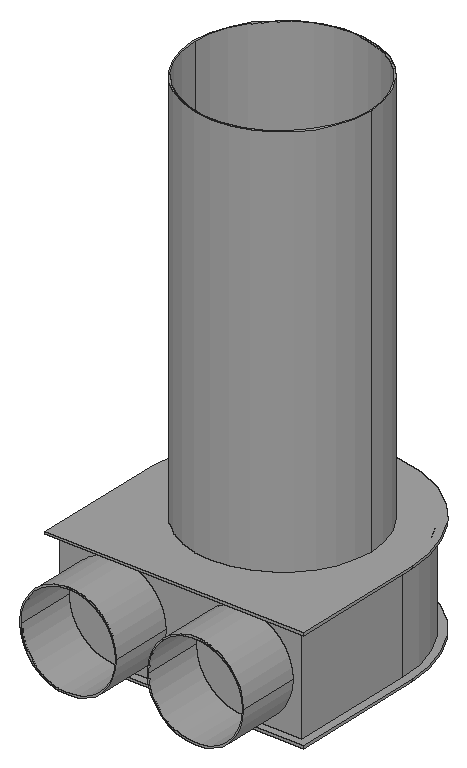
Revit family "CADS_AIRFLOWdev_AirflexPro_Round_90DegFloorOutlet_Extract", category Duct Fittings, Revit 2015
Parameters (values of type "CADS_AIRFLOWdev_AirflexPro_Round_90DegFloorOutlet_Extract")
  f3 [instance] = f - f2  # 0.0 L/s
  f2 [instance] = 0.0 L/s
  f [instance] = 0.0 L/s
  WorkingPressure = 3000.0 Pa
  WeeklyMaintenance = "N/A"
  WarrantyStartDate [instance] = "1900-12-31T23:59:162"
  WarrantyPeriod = "0"
  WarrantyIdentifier = "N/A"
  WarrantyGuarantorParts = "info@airflow.com"
  WarrantyGuarantorLabor = "info@airflow.com"
  WarrantyGuarantor = "Airflow Developments Ltd"
  WarrantyEndDate [instance] = "1900-12-31T23:59:162"
  WarrantyContent = "N/A"
  Uniclass2015 = "Pr_30_59_96_92:Ventilation ducts"
  TemperatureRange = "up to 40°C"
  TagNumber [instance] = "N/A"
  SustainabilityPerformance = "N/A"
  Status = "New"
  Size = "245x 190x  385"
  ShippingWeight = 1.32 kg
  Shape = "Other"
  ServiceLifeType = "EXPECTEDSERVICELIFE"
  ServiceLifeDuration = "10"
  SerialNumber [instance] = "N/A"
  SAPApproval = yes
  RunID = "0"
  ReplacementCost = "71.208"
  Reinforcement = "N/A"
  RedDotDesignAward = no
  QuarterlyMaintenance = "N/A"
  Quantity = 1
  ProductionYear = "2017"
  ProductLiterature = "https://www.airflow.com/pdf/Accessories.pdf#page=3"
  PointOfContact = "Airflow Developments Ltd"
  PassiveHouseApproval = no
  NominalWidth = 190 mm
  NominalLength = 245 mm
  NominalHeight = 385 mm
  NBSCode = "45-80-50/394 Ventilation ducts"
  MonthlyMaintenance = "N/A"
  ModelReference [instance] = "9041142"
  ModelLabel [instance] = "Round 90o floor plenum for use with 9041174"
  Material = "Steel"
  ManufacturerWebsite = "www.airflow.com"
  ManufacturerTelephone = "01494 525252"
  ManufacturerE-Mail = "info@airflow.com"
  ManufacturerAddress = "Aidelle House\nLancaster Road\nCressex Business Park\nHigh Wycombe\nBucks\nHP123QP"
  Manufacturer = "Airflow Developments Ltd"
  MaintenanceRequired8001to12000hrs = "N/A"
  MaintenanceRequired601to1000hrs = "N/A"
  MaintenanceRequired4001to8000hrs = "N/A"
  MaintenanceRequired301to600hrs = "N/A"
  MaintenanceRequired2001to4000hrs = "N/A"
  MaintenanceRequired1001to2000hrs = "N/A"
  MaintenanceRequired0to300hrs = "N/A"
  LongitudinalSeam = "None"
  IsExtendedWarranty = no
  InstallationDate [instance] = "1900-12-31T23:59:162"
  ISO90001 = yes
  ISO140001 = yes
  GrossWeight = 1.10 kg
  Grade = "Stainless"
  GlobalTradeItemNumber [instance] = "5019009305769"
  Fitting Type = "Ignore"
  FireControlPanelLinks = no
  Finish = "Lacquer"
  Features = "Round 90o floor plenum for use with 9041174"
  ExpectedServiceLife = 10
  Exclusions = "N/A"
  DurationUnit = "Year"
  DailyMaintenance = "N/A"
  Constituents = "Round 90o floor plenum for use with 9041174"
  Color = "Silver"
  CodePerformance = "N/A"
  CEApproval = yes
  CADS_Index = 0
  BespokeTimeFrameMaintenance = "N/A"
  AssetType = "FIXED"
  AssetIdentifier [instance] = "N/A"
  AssemblyPlace = "UNKNOWN"
  ArticleNumber [instance] = "N/A"
  AnnualMaintenance = "N/A"
  AirflowRateRange = 18.0 L/s
  AdjustableLengthCheck [instance] = if(AdjustableLength > 310 mm, 310 mm, AdjustableLength)  # 310 mm
  AdjustableLength [instance] = 310 mm
  AccessibilityPerformance = "N/A"
  AF_Body = AF_Grey
  6MonthlyMaintenance = "Visually inspect system, clean the fan and ducting if necessary"
Reference planes
  plane 1 "Center (Front/Back)": y = 0
  plane 2: z = 0
  plane 3 "Center (Left/Right)": x = 0
  plane 4: y = -147.5
  plane 5: y = -106
  plane 6: x = -95
  plane 7: x = 95
  plane 8 "CL Spigot": z = -350.5
  plane 9: z = -391
  plane 10: z = -310
Forms (mm)
  Extrusion 1, solid, material "AF_Grey" <- "AF_Body"
    sketch origin (0, 0, -350.5) x (-1, 0, 0) y (0, -1, 0)
      loop
        line (101.5, 0) -> (101.5, 106) -> (-101.5, 106) -> (-101.5, 0)
        arc (-101.5, 0) -> (0, -101.5) -> (101.5, 0) r 101.5
    from -40.5 to 40.5
  Extrusion 2, solid, material "AF_Grey" <- "AF_Body"
    sketch origin (0, 0, -350.5) x (-1, 0, 0) y (0, -1, 0)
      loop
        circle (0, 0) r 70
      loop
        circle (0, 0) r 69
    from 350.5 to 0
  Sweep 3, void
    path in 3D
      loop
        arc (101.5, 0, -310) -> (0, 101.5, -310) -> (-101.5, 0, -310) r 101.5
        line (-101.5, 0, -310) -> (-101.5, -106, -310) -> (101.5, -106, -310) -> (101.5, 0, -310)
    profile origin (101.5, -53, -310) x (-1, 0, 0) y (0, 0, 1)
      loop
        line (0, -1.5) -> (0, -79.5) -> (6.5, -79.5) -> (6.5, -1.5) -> (0, -1.5)
  Extrusion 4, solid, material "AF_Grey" <- "AF_Body"
    sketch origin (-212.663, -106, 1200) x (-1, 0, 0) y (0, 0, 1)
      loop
        circle (-162.663, -1550.5) r 38
      loop
        circle (-262.663, -1550.5) r 38
    from -41.5 to 6.5
  Extrusion 5, void
    sketch origin (-212.663, -99.5, 1200) x (-1, 0, 0) y (0, 0, 1)
      loop
        circle (-162.663, -1550.5) r 37
      loop
        circle (-262.663, -1550.5) r 37
    from -48 to -1.633
Cuts and joins
  Sweep 3 cuts Extrusion 1
  joined: Extrusion 1, Extrusion 2
  Extrusion 5 cuts Extrusion 4
Lines and regions (mm)
  sketch lines
    curve 1: line (101.5, -106, -310) -> (101.5, 0, -310)
    curve 2: arc (-101.5, 0, -310) -> (0, 101.5, -310) -> (101.5, 0, -310) r 101.5
    curve 3: line (-101.5, 0, -310) -> (-101.5, -106, -310)
    curve 4: line (-101.5, -106, -310) -> (101.5, -106, -310)
Dimensions and locks
  plane 10 to plane 8 "CL Spigot" to plane 9 = 40.5 mm locked, 40.5 mm locked
  "AdjustableLengthCheck": plane 2 to plane 10
  Extrusion 4 sketch curve to plane 3 "Center (Left/Right)" to Extrusion 4 sketch curve = 50 mm locked, 50 mm locked
  aligned and locked: level to plane 2
  aligned and locked: level to Extrusion 2
  aligned and locked: Extrusion 2 to plane 8 "CL Spigot"
  aligned and locked: cut or joined group of Extrusion 1, Extrusion 2, Sweep 3 to Extrusion 4
  aligned and locked: Extrusion 4 to plane 4
  aligned and locked: Extrusion 5 to plane 4
Automatic sketch dimensions
  Extrusion 1 sketch curve to plane 5 = 0 mm
  plane 7 to Extrusion 1 sketch curve = 6.5 mm
  plane 1 "Center (Front/Back)" to Extrusion 1 sketch curve = 0 mm
  Extrusion 1 sketch curve to plane 3 "Center (Left/Right)" = 0 mm
  plane 1 "Center (Front/Back)" to Extrusion 2 sketch curve = 0 mm
  Extrusion 2 sketch curve to plane 3 "Center (Left/Right)" = 0 mm
  Extrusion 4 sketch curve to plane 8 "CL Spigot" = 0 mm  (x2)
  Sweep 3 sketch curve to profile plane = 0 mm
  Sweep 3 sketch curve to profile plane = 6.5 mm
  Sweep 3 sketch curve to profile plane = 79.5 mm
  Sweep 3 sketch curve to profile plane = 1.5 mm
  radius of Extrusion 2 sketch curve = 70 mm
  radius of Extrusion 5 sketch curve to Extrusion 4 = 1 mm  (x2)
  radius of Extrusion 4 sketch curve = 38 mm  (x2)
Connectors
  hvac at (0, 0, 0), driven by "f"
    settings: on cut or joined group of Extrusion 1, Extrusion 2, Sweep 3, index 1, duct flow 0.0 L/s, flow factor 0, pres drop 0.0 Pa, loss coef 0, conn angle 0.00°, conn width 304.8 mm, conn height 304.8 mm, conn diameter 140 mm, duct sys type 2, conn prof type 0, flow config 0, flow direction 1, loss method 0, conn ref index -1, conn util no, is conn primary yes, conn desc ""
  hvac at (-50, -101.133, -350.5), driven by "f2"
    settings: on cut or joined group of Extrusion 4, Extrusion 5, index 2, duct flow 0.0 L/s, flow factor 0, pres drop 0.0 Pa, loss coef 0, conn angle 0.00°, conn width 304.8 mm, conn height 304.8 mm, conn diameter 75 mm, duct sys type 2, conn prof type 0, flow config 0, flow direction 2, loss method 0, conn ref index -1, conn util no, is conn primary no, conn desc ""
  hvac at (50, -101.133, -350.5), driven by "f3"
    settings: on cut or joined group of Extrusion 4, Extrusion 5, index 3, duct flow 0.0 L/s, flow factor 0, pres drop 0.0 Pa, loss coef 0, conn angle 0.00°, conn width 304.8 mm, conn height 304.8 mm, conn diameter 75 mm, duct sys type 2, conn prof type 0, flow config 0, flow direction 2, loss method 0, conn ref index -1, conn util no, is conn primary no, conn desc ""
